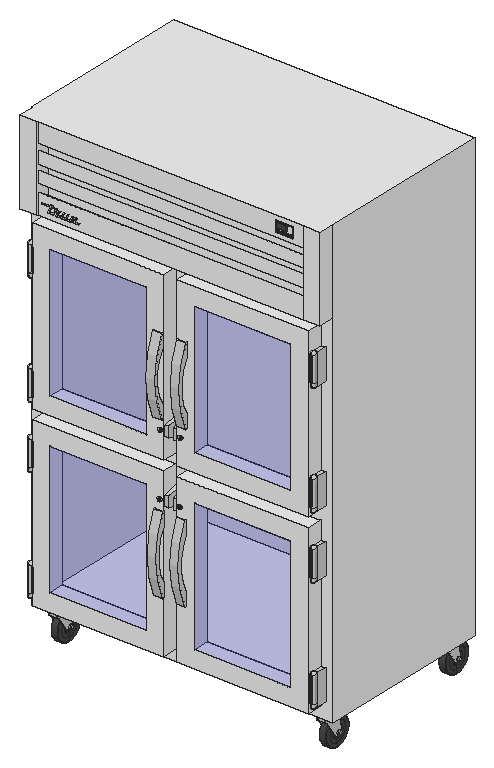
Revit family
Parameters
  Weight in Pounds = 0
  Watts = 3000 W
  Volts = 208 V
  URL Cutsheet = "www.truemfg.com"
  URL = "www.truemfg.com"
  Type Mark [instance] = ""
  Type Comments = ""
  Status [instance] = ""
  Specification by User [instance] = ""
  Specification by Manufacturer = ""
  Show Seismic Flanged [instance] = no
  Show Logo [instance] = yes
  Show Legs [instance] = no
  Show Clearance [instance] = yes
  Serial Number = ""
  Seismic Rating = ""
  Seismic Plate [instance] = and(Show Seismic Flanged, not(Show Casters))  # no
  SMACNA No = ""
  Revision Code [instance] = ""
  Phase = 1
  Omniclass Number and Title = ""
  Number of Poles [instance] = 1
  NAFEM Spec ID Number = ""
  Model = "STA2H-4HG"
  Min Ckt Ampacity = 0 A
  Max Overcurrent Protection = 0 A
  Masterspec = ""
  Manufacturer = "TRUE FOOD SERVICE EQUIPMENT, INC."
  Length = 52 5/8"
  Legs [instance] = or(Show Legs, Show Seismic Flanged)  # no
  Item Number [instance] = ""
  Installed By [instance] = ""
  Identify Quantity as Lot [instance] = yes
  Height = 77 3/4"
  HP = ""
  Furnished By [instance] = ""
  Foodservice Equipment Identifier [instance] = yes
  FL Amps = Watts / Volts  # 14.4231 A
  Electrical Remarks [instance] = ""
  Electric Connection Type [instance] = ""
  Elec Conn RI Height [instance] = 0"
  Elec Conn Connection Height [instance] = 0"
  Description = "Reach-in Glass Half Swing Door Heated Cabinet"
  Depth = 33 3/4"
  Cycle = 60 Hz
  Conn Plug = "6-15P"
  Conn Conduit = yes
  Show Casters [instance] = and(not(if(Show Legs, Show Legs, Show Legs)), not(if(Show Legs, Show Legs, Show Seismic Flanged)))  # yes
  CSI MasterFormat = ""
  CSI Master Format = ""
  Apparent Power = if(Phase = 3, Volts * FL Amps * 1.73, Volts * FL Amps)  # 3000 VA
Reference planes (in)
  plane 1 "BACK": y = 0
  plane 2: z = 0
  plane 3 "LEFT": x = 0
  plane 4 "RIGHT": x = 52.625
  plane 5 "FRONT": y = -33.75
  plane 6 "TOP": z = 84.125
  plane 7: z = 6.125
  plane 8: x = 26.3125
  plane 9: x = 3
  plane 10: x = 49.9375
  plane 11: y = -33.7042
  plane 12: x = 26.3125
Forms (in)
  Extrusion 1, solid, material "QF_Finishes_Chrome - Satin"
    sketch origin (0.05, 0, 0) x (1, 0, 0) y (0, 1, 0)
      loop
        line (-0.05, 0) -> (-0.05, -31) -> (2.35625, -31) -> (2.35625, 0) -> (-0.05, 0)
    from 6.125 to 84.125
  Extrusion 2, solid, material "QF_Finishes_Chrome - Satin"
    sketch origin (50.15, 0, 0) x (1, 0, 0) y (0, 1, 0)
      loop
        line (0.225, 0) -> (0.225, -31) -> (2.475, -31) -> (2.475, 0) -> (0.225, 0)
    from 6.125 to 84.125
  Extrusion 3, solid, material "QF_Finishes_Chrome - Satin"
    sketch origin (0, 0, 0) x (0, 1, 0) y (0, 0, 1)
      loop
        line (-33.7042, 69.5) -> (-31, 69.5) -> (-31, 66.96875) -> (-2, 66.96875) -> (-2, 9.03125) -> (-31, 9.03125) -> (-31, 6.125) -> (0, 6.125) -> (0, 84.125) -> (-33.7042, 84.125) -> (-33.7042, 80.78078) -> (-31.5, 79.21352) -> (-31.5, 78.09125) -> (-33.7042, 79.65851) -> (-33.7042, 77.5248) -> (-31.5, 75.95754) -> (-31.5, 74.99678) -> (-33.7042, 76.56404) -> (-33.7042, 74.46784) -> (-31.5, 72.90057) -> (-31.5, 71.625) -> (-33.7042, 73.19226) -> (-33.7042, 69.5)
      loop
        line (-30, 36.125) -> (-30, 39.875) -> (-31, 39.875) -> (-31, 36.125) -> (-30, 36.125)
    from 2.25 to 50.375
  Extrusion 4, solid, material "QF_Finishes_Chrome - Satin"
    sketch origin (0, 0, 0) x (1, 0, 0) y (0, 1, 0)
      loop
        line (52.54687, -31) -> (49.66032, -31) -> (49.66032, -33.75) -> (52.54687, -33.75) -> (52.54687, -31)
    from 69.5 to 84.125
  Extrusion 5, solid, material "QF_Finishes_Chrome - Satin"
    sketch origin (-50.125, 0, 0.25) x (1, 0, 0) y (0, 1, 0)
      loop
        line (53.20984, -31) -> (50.20312, -31) -> (50.20312, -33.75) -> (53.20984, -33.75) -> (53.20984, -31)
    from 69.25 to 83.875
  Extrusion 6, solid, material "QF_Finishes_Chrome - Satin"
    sketch origin (0, 0, -0.71875) x (1, 0, 0) y (0, 0, 1)
      loop
        line (2.25, 68.6875) -> (2.25, 39.59375) -> (25.1875, 39.59375) -> (25.1875, 68.6875) -> (2.25, 68.6875)
      loop
        line (50.53125, 68.6875) -> (27.59375, 68.6875) -> (27.59375, 39.59375) -> (50.53125, 39.59375) -> (50.53125, 68.6875)
      loop
        line (2.25, 8.75) -> (25.1875, 8.75) -> (25.1875, 37.84375) -> (2.25, 37.84375) -> (2.25, 8.75)
      loop
        line (27.59375, 8.75) -> (50.53125, 8.75) -> (50.53125, 37.84375) -> (27.59375, 37.84375) -> (27.59375, 8.75)
      loop
        line (5.25, 65.6875) -> (5.25, 42.59375) -> (22.29688, 42.59375) -> (22.29688, 65.6875) -> (5.25, 65.6875)
      loop
        line (30.59375, 65.6875) -> (30.59375, 42.59375) -> (47.53125, 42.59375) -> (47.53125, 65.6875) -> (30.59375, 65.6875)
      loop
        line (5.25, 34.84375) -> (5.25, 11.75) -> (22.29688, 11.75) -> (22.29688, 34.84375) -> (5.25, 34.84375)
      loop
        line (47.53125, 34.84375) -> (30.59375, 34.84375) -> (30.59375, 11.75) -> (47.53125, 11.75) -> (47.53125, 34.84375)
    from 31 to 33.75
  Extrusion 7, solid, material "QF_Finishes_Handrails and Railings"
    sketch origin (1.875, 0, 3.375) x (1, 0, 0) y (0, 0, 1)
      loop
        circle (22.76563, 40.0625) r 0.35
      loop
        line (22.73047, 40.33635) -> (22.73047, 39.76895) -> (22.78597, 39.76895) -> (22.78597, 40.33635) -> (22.73047, 40.33635)
      loop
        circle (26.28125, 40.0625) r 0.35
      loop
        line (26.3164, 40.33635) -> (26.2609, 40.33635) -> (26.2609, 39.76895) -> (26.3164, 39.76895) -> (26.3164, 40.33635)
    from 33.5 to 33.83066
  Extrusion 8, solid, material "QF_Finishes_Handrails and Railings", visible <- "Show Logo"
    sketch origin (0.33478, 1.08173, -6.73143) x (1, 0, 0) y (0, 0, 1)
      loop
        line (3.61669, 78.46231) -> (3.51103, 78.23573) -> (4.91652, 78.23573)
        arc (4.91652, 78.23573) -> (4.94504, 78.18528) -> (4.91652, 78.13484) r 0.05887
        line (4.91652, 78.13484) -> (4.54994, 77.34872)
        arc (4.54994, 77.34872) -> (4.54676, 77.27591) -> (4.596, 77.22217) r 0.09523
        line (4.596, 77.22217) -> (5.49469, 77.22217)
        arc (5.49469, 77.22217) -> (5.60817, 77.25795) -> (5.68061, 77.35235) r 0.19785
        line (5.68061, 77.35235) -> (5.9691, 77.97101) -> (6.23415, 77.97101)
        arc (6.23415, 77.97101) -> (6.30369, 77.94543) -> (6.29362, 77.87203) r 0.05911
        line (6.29362, 77.87203) -> (6.05223, 77.35437)
        arc (6.05223, 77.35437) -> (6.05599, 77.2684) -> (6.12856, 77.22217) r 0.09318
        line (6.12856, 77.22217) -> (6.91823, 77.22217)
        arc (6.91823, 77.22217) -> (6.97874, 77.24419) -> (7.01093, 77.29995) r 0.09412
        arc (7.01093, 77.29995) -> (7.03371, 77.24495) -> (7.08871, 77.22217) r 0.07778
        line (7.08871, 77.22217) -> (7.58871, 77.22217)
        arc (7.58871, 77.22217) -> (7.64647, 77.23765) -> (7.68876, 77.27993) r 0.11552
        arc (7.68876, 77.27993) -> (7.709, 77.23106) -> (7.75787, 77.21081) r 0.06912
        line (7.75787, 77.21081) -> (8.4685, 77.21081)
        arc (8.4685, 77.21081) -> (8.52659, 77.23488) -> (8.55066, 77.29297) r 0.08216
        arc (8.55066, 77.29297) -> (8.60392, 77.23972) -> (8.67667, 77.22022) r 0.14551
        line (8.67667, 77.22022) -> (10.00783, 77.22022) -> (10.15571, 77.47634) -> (8.81303, 77.47634)
        arc (8.81303, 77.47634) -> (8.77597, 77.50204) -> (8.77459, 77.54711) r 0.05009
        line (8.77459, 77.54711) -> (8.79782, 77.59692)
        arc (8.79782, 77.59692) -> (8.83348, 77.64364) -> (8.88952, 77.66135) r 0.09747
        line (8.88952, 77.66135) -> (9.3211, 77.66135)
        arc (9.3211, 77.66135) -> (9.41425, 77.68631) -> (9.48244, 77.7545) r 0.1863
        line (9.48244, 77.7545) -> (9.60744, 77.97101)
        arc (9.60744, 77.97101) -> (9.60744, 78.08657) -> (9.50736, 78.14434) r 0.11556
        line (9.50736, 78.14434) -> (9.05187, 78.14434)
        arc (9.05187, 78.14434) -> (8.93575, 78.12462) -> (8.85474, 78.03912) r 0.18605
        line (8.85474, 78.03912) -> (8.63829, 77.57493)
        arc (8.63829, 77.57493) -> (8.5744, 77.49167) -> (8.47431, 77.46011) r 0.1745
        line (8.47431, 77.46011) -> (8.00184, 77.46011)
        arc (8.00184, 77.46011) -> (7.94528, 77.52184) -> (7.94893, 77.60548) r 0.10939
        line (7.94893, 77.60548) -> (8.2002, 78.14434) -> (8.04028, 78.14434) -> (7.77406, 77.57344)
        arc (7.77406, 77.57344) -> (7.72234, 77.50603) -> (7.6413, 77.48048) r 0.14128
        line (7.6413, 77.48048) -> (7.3155, 77.48048)
        arc (7.3155, 77.48048) -> (7.26044, 77.55223) -> (7.27225, 77.64189) r 0.11816
        line (7.27225, 77.64189) -> (7.50655, 78.14434) -> (7.34139, 78.14434) -> (7.07171, 77.566)
        arc (7.07171, 77.566) -> (7.0091, 77.50339) -> (6.92358, 77.48048) r 0.17104
        line (6.92358, 77.48048) -> (6.4518, 77.48048)
        arc (6.4518, 77.48048) -> (6.36707, 77.51999) -> (6.35892, 77.61313) r 0.0935
        line (6.35892, 77.61313) -> (6.51399, 77.94569) -> (6.7332, 77.94569)
        arc (6.7332, 77.94569) -> (6.7702, 78.05717) -> (6.84892, 78.14434) r 0.2857
        line (6.84892, 78.14434) -> (5.9923, 78.14434)
        arc (5.9923, 78.14434) -> (5.89711, 78.12324) -> (5.83123, 78.05135) r 0.16212
        line (5.83123, 78.05135) -> (5.59904, 77.55341)
        arc (5.59904, 77.55341) -> (5.54565, 77.50002) -> (5.47272, 77.48048) r 0.14586
        line (5.47272, 77.48048) -> (4.96131, 77.48048)
        arc (4.96131, 77.48048) -> (4.92139, 77.53442) -> (4.92899, 77.60109) r 0.09155
        line (4.92899, 77.60109) -> (5.26643, 78.23573) -> (6.1178, 78.23573) -> (6.22346, 78.46231) -> (5.37209, 78.46231) -> (5.47774, 78.68888) -> (5.17487, 78.68888) -> (5.06922, 78.46231) -> (3.61669, 78.46231)
      loop
        arc (8.9943, 77.93863) -> (8.95744, 77.92875) -> (8.93045, 77.90176) r 0.07373
        line (8.93045, 77.90176) -> (8.90854, 77.83436)
        arc (8.90854, 77.83436) -> (8.9187, 77.80983) -> (8.94324, 77.79966) r 0.0347
        line (8.94324, 77.79966) -> (9.31573, 77.79966)
        arc (9.31573, 77.79966) -> (9.34257, 77.80561) -> (9.36437, 77.82234) r 0.0635
        line (9.36437, 77.82234) -> (9.38249, 77.90622)
        arc (9.38249, 77.90622) -> (9.37716, 77.92868) -> (9.35634, 77.93863) r 0.02676
        line (9.35634, 77.93863) -> (8.9943, 77.93863)
    from 34.76797 to 34.83173
  Extrusion 9, solid
    sketch origin (0, 0, 0) x (1, 0, 0) y (0, 0, 1)
      loop
        circle (49.53125, 82) r 0.25
    from 0 to 0.0625
  Extrusion 10, solid, material "QF_Finishes_Handrails and Railings"
    sketch origin (35.86694, -0.25, 99.01973) x (0, 1, 0) y (0, 0, -1)
      loop
        line (-33.5, 53.875) -> (-33.7, 53.875)
        arc (-33.7, 53.875) -> (-35.14405, 47.075) -> (-33.7, 40.275) r 16.7325
        line (-33.7, 40.275) -> (-33.5, 40.275) -> (-33.5, 42.675)
        arc (-33.5, 42.675) -> (-34.65816, 47.075) -> (-33.5, 51.475) r 8.93715
        line (-33.5, 51.475) -> (-33.5, 53.875)
    from 10.87731 to 12.37731
  Blend 11, solid, material "QF_Finishes_Handrails and Railings"
    base sketch origin (-0.14063, 0, 5.375) x (1, 0, 0) y (0, 0, 1)
      loop
        line (25.32813, 38.99169) -> (25.32813, 37.24169) -> (26.07813, 37.24169) -> (26.07813, 38.99169) -> (25.32813, 38.99169)
    top sketch origin (-0.14063, 0, 5.375) x (1, 0, 0) y (0, 0, 1)
      loop
        line (26.26036, 36.6441) -> (26.26036, 39.42643) -> (25.32813, 39.42643) -> (25.32813, 36.6441) -> (26.26036, 36.6441)
    from 33.57883 to 31
  Blend 12, solid, material "QF_Finishes_Handrails and Railings"
    base sketch origin (52.84375, 0, 5.375) x (-1, 0, 0) y (0, 0, -1)
      loop
        line (25.25, -38.99169) -> (26, -38.99169) -> (26, -37.24169) -> (25.25, -37.24169) -> (25.25, -38.99169)
    top sketch origin (52.84375, 0, 5.375) x (-1, 0, 0) y (0, 0, -1)
      loop
        line (26.18223, -36.6441) -> (25.25, -36.6441) -> (25.25, -39.42643) -> (26.18223, -39.42643) -> (26.18223, -36.6441)
    from 33.57883 to 31
  Extrusion 13, solid, material "QF_Finishes_Handrails and Railings"
    sketch origin (1.09375, 0, 0) x (0, 1, 0) y (0, 0, 1)
      loop
        line (-31, 64.55229) -> (-32.61044, 64.55229)
        arc (-32.61044, 64.55229) -> (-32.75506, 64.49238) -> (-32.81497, 64.34776) r 0.20453
        line (-32.81497, 64.34776) -> (-32.81497, 59.94848) -> (-33.25, 59.94848) -> (-33.25, 59.23627) -> (-31, 59.23627) -> (-31, 64.55229)
    from 0.17506 to 1
  Revolve 14, solid, material "QF_Finishes_Handrails and Railings"
    sketch origin (1.59375, 0, 0) x (0, 1, 0) y (0, 0, 1)
      loop
        line (-33.26563, 60.00189) -> (-33.26563, 64.81483)
        arc (-33.26563, 64.81483) -> (-33.53722, 64.72557) -> (-33.67229, 64.4736) r 0.3848
        line (-33.67229, 64.4736) -> (-33.67229, 60.00189) -> (-33.26563, 60.00189)
      loop
        line (-33.26563, 59.94848) -> (-33.67229, 59.94848) -> (-33.67229, 59.37712)
        arc (-33.67229, 59.37712) -> (-33.53264, 59.13383) -> (-33.26563, 59.04781) r 0.38884
        line (-33.26563, 59.04781) -> (-33.26563, 59.94848)
      axis (-33.26563, 59.04781) -> (-33.26563, 64.81483)
    angle from 0 to 360
  Extrusion 15, solid, material "QF_Finishes_Handrails and Railings"
    sketch origin (-0.21875, 0, 0) x (1, 0, 0) y (0, 0, 1)
      loop
        line (2.07116, 64.4736) -> (2.07116, 60.00079) -> (2.46875, 60.00079) -> (2.46875, 64.4736) -> (2.07116, 64.4736)
    from 32.81497 to 33.59495
  Extrusion 16, solid, material "QF_Finishes_Handrails and Railings"
    sketch origin (1.09375, 0, -19.5) x (0, 1, 0) y (0, 0, 1)
      loop
        line (-31, 64.55229) -> (-32.61044, 64.55229)
        arc (-32.61044, 64.55229) -> (-32.75506, 64.49238) -> (-32.81497, 64.34776) r 0.20453
        line (-32.81497, 64.34776) -> (-32.81497, 59.94848) -> (-33.25, 59.94848) -> (-33.25, 59.23627) -> (-31, 59.23627) -> (-31, 64.55229)
    from 0.17506 to 1
  Revolve 17, solid, material "QF_Finishes_Handrails and Railings"
    sketch origin (1.59375, 0, -19.5) x (0, 1, 0) y (0, 0, 1)
      loop
        line (-33.26563, 60.00189) -> (-33.26563, 64.81483)
        arc (-33.26563, 64.81483) -> (-33.53722, 64.72557) -> (-33.67229, 64.4736) r 0.3848
        line (-33.67229, 64.4736) -> (-33.67229, 60.00189) -> (-33.26563, 60.00189)
      loop
        line (-33.26563, 59.94848) -> (-33.67229, 59.94848) -> (-33.67229, 59.37712)
        arc (-33.67229, 59.37712) -> (-33.53264, 59.13383) -> (-33.26563, 59.04781) r 0.38884
        line (-33.26563, 59.04781) -> (-33.26563, 59.94848)
      axis (-33.26563, 59.04781) -> (-33.26563, 64.81483)
    angle from 0 to 360
  Extrusion 18, solid, material "QF_Finishes_Handrails and Railings"
    sketch origin (-0.21875, 0, -19.5) x (1, 0, 0) y (0, 0, 1)
      loop
        line (2.07116, 64.4736) -> (2.07116, 60.00079) -> (2.46875, 60.00079) -> (2.46875, 64.4736) -> (2.07116, 64.4736)
    from 32.81497 to 33.59495
  Extrusion 19, solid, material "QF_Finishes_Handrails and Railings"
    sketch origin (1.09375, 0, -30.5) x (0, 1, 0) y (0, 0, 1)
      loop
        line (-31, 64.55229) -> (-32.61044, 64.55229)
        arc (-32.61044, 64.55229) -> (-32.75506, 64.49238) -> (-32.81497, 64.34776) r 0.20453
        line (-32.81497, 64.34776) -> (-32.81497, 59.94848) -> (-33.25, 59.94848) -> (-33.25, 59.23627) -> (-31, 59.23627) -> (-31, 64.55229)
    from 0.17506 to 1
  Revolve 20, solid, material "QF_Finishes_Handrails and Railings"
    sketch origin (1.59375, 0, -30.5) x (0, 1, 0) y (0, 0, 1)
      loop
        line (-33.26563, 60.00189) -> (-33.26563, 64.81483)
        arc (-33.26563, 64.81483) -> (-33.53722, 64.72557) -> (-33.67229, 64.4736) r 0.3848
        line (-33.67229, 64.4736) -> (-33.67229, 60.00189) -> (-33.26563, 60.00189)
      loop
        line (-33.26563, 59.94848) -> (-33.67229, 59.94848) -> (-33.67229, 59.37712)
        arc (-33.67229, 59.37712) -> (-33.53264, 59.13383) -> (-33.26563, 59.04781) r 0.38884
        line (-33.26563, 59.04781) -> (-33.26563, 59.94848)
      axis (-33.26563, 59.04781) -> (-33.26563, 64.81483)
    angle from 0 to 360
  Extrusion 21, solid, material "QF_Finishes_Handrails and Railings"
    sketch origin (-0.21875, 0, -30.5) x (1, 0, 0) y (0, 0, 1)
      loop
        line (2.07116, 64.4736) -> (2.07116, 60.00079) -> (2.46875, 60.00079) -> (2.46875, 64.4736) -> (2.07116, 64.4736)
    from 32.81497 to 33.59495
  Extrusion 22, solid, material "QF_Finishes_Handrails and Railings"
    sketch origin (1.09375, 0, -50.25) x (0, 1, 0) y (0, 0, 1)
      loop
        line (-31, 64.55229) -> (-32.61044, 64.55229)
        arc (-32.61044, 64.55229) -> (-32.75506, 64.49238) -> (-32.81497, 64.34776) r 0.20453
        line (-32.81497, 64.34776) -> (-32.81497, 59.94848) -> (-33.25, 59.94848) -> (-33.25, 59.23627) -> (-31, 59.23627) -> (-31, 64.55229)
    from 0.17506 to 1
  Revolve 23, solid, material "QF_Finishes_Handrails and Railings"
    sketch origin (1.59375, 0, -50.25) x (0, 1, 0) y (0, 0, 1)
      loop
        line (-33.26563, 60.00189) -> (-33.26563, 64.81483)
        arc (-33.26563, 64.81483) -> (-33.53722, 64.72557) -> (-33.67229, 64.4736) r 0.3848
        line (-33.67229, 64.4736) -> (-33.67229, 60.00189) -> (-33.26563, 60.00189)
      loop
        line (-33.26563, 59.94848) -> (-33.67229, 59.94848) -> (-33.67229, 59.37712)
        arc (-33.67229, 59.37712) -> (-33.53264, 59.13383) -> (-33.26563, 59.04781) r 0.38884
        line (-33.26563, 59.04781) -> (-33.26563, 59.94848)
      axis (-33.26563, 59.04781) -> (-33.26563, 64.81483)
    angle from 0 to 360
  Extrusion 24, solid, material "QF_Finishes_Handrails and Railings"
    sketch origin (-0.21875, 0, -50.25) x (1, 0, 0) y (0, 0, 1)
      loop
        line (2.07116, 64.4736) -> (2.07116, 60.00079) -> (2.46875, 60.00079) -> (2.46875, 64.4736) -> (2.07116, 64.4736)
    from 32.81497 to 33.59495
  Extrusion 25, solid, material "QF_Finishes_Handrails and Railings"
    sketch origin (51.53125, 0, 0) x (0, 1, 0) y (0, 0, -1)
      loop
        line (-31, -64.55229) -> (-31, -59.23627) -> (-33.25, -59.23627) -> (-33.25, -59.94848) -> (-32.81497, -59.94848) -> (-32.81497, -64.34776)
        arc (-32.81497, -64.34776) -> (-32.75506, -64.49238) -> (-32.61044, -64.55229) r 0.20453
        line (-32.61044, -64.55229) -> (-31, -64.55229)
    from 0.17506 to 1
  Revolve 26, solid, material "QF_Finishes_Handrails and Railings"
    sketch origin (51.03125, 0, 0) x (0, 1, 0) y (0, 0, -1)
      loop
        line (-33.26563, -60.00189) -> (-33.67229, -60.00189) -> (-33.67229, -64.4736)
        arc (-33.67229, -64.4736) -> (-33.53722, -64.72557) -> (-33.26563, -64.81483) r 0.3848
        line (-33.26563, -64.81483) -> (-33.26563, -60.00189)
      loop
        line (-33.26563, -59.94848) -> (-33.26563, -59.04781)
        arc (-33.26563, -59.04781) -> (-33.53264, -59.13383) -> (-33.67229, -59.37712) r 0.38884
        line (-33.67229, -59.37712) -> (-33.67229, -59.94848) -> (-33.26563, -59.94848)
      axis (-33.26563, -59.04781) -> (-33.26563, -64.81483)
    angle from 0 to 360
  Extrusion 27, solid, material "QF_Finishes_Handrails and Railings"
    sketch origin (52.84375, 0, 0) x (-1, 0, 0) y (0, 0, -1)
      loop
        line (1.75866, -64.4736) -> (2.15625, -64.4736) -> (2.15625, -60.00079) -> (1.75866, -60.00079) -> (1.75866, -64.4736)
    from 32.81497 to 33.59495
  Extrusion 28, solid, material "QF_Finishes_Handrails and Railings"
    sketch origin (51.53125, 0, -19.5) x (0, 1, 0) y (0, 0, -1)
      loop
        line (-31, -64.55229) -> (-31, -59.23627) -> (-33.25, -59.23627) -> (-33.25, -59.94848) -> (-32.81497, -59.94848) -> (-32.81497, -64.34776)
        arc (-32.81497, -64.34776) -> (-32.75506, -64.49238) -> (-32.61044, -64.55229) r 0.20453
        line (-32.61044, -64.55229) -> (-31, -64.55229)
    from 0.17506 to 1
  Revolve 29, solid, material "QF_Finishes_Handrails and Railings"
    sketch origin (51.03125, 0, -19.5) x (0, 1, 0) y (0, 0, -1)
      loop
        line (-33.26563, -60.00189) -> (-33.67229, -60.00189) -> (-33.67229, -64.4736)
        arc (-33.67229, -64.4736) -> (-33.53722, -64.72557) -> (-33.26563, -64.81483) r 0.3848
        line (-33.26563, -64.81483) -> (-33.26563, -60.00189)
      loop
        line (-33.26563, -59.94848) -> (-33.26563, -59.04781)
        arc (-33.26563, -59.04781) -> (-33.53264, -59.13383) -> (-33.67229, -59.37712) r 0.38884
        line (-33.67229, -59.37712) -> (-33.67229, -59.94848) -> (-33.26563, -59.94848)
      axis (-33.26563, -59.04781) -> (-33.26563, -64.81483)
    angle from 0 to 360
  Extrusion 30, solid, material "QF_Finishes_Handrails and Railings"
    sketch origin (52.84375, 0, -19.5) x (-1, 0, 0) y (0, 0, -1)
      loop
        line (1.75866, -64.4736) -> (2.15625, -64.4736) -> (2.15625, -60.00079) -> (1.75866, -60.00079) -> (1.75866, -64.4736)
    from 32.81497 to 33.59495
  Extrusion 31, solid, material "QF_Finishes_Handrails and Railings"
    sketch origin (51.53125, 0, -30.5) x (0, 1, 0) y (0, 0, -1)
      loop
        line (-31, -64.55229) -> (-31, -59.23627) -> (-33.25, -59.23627) -> (-33.25, -59.94848) -> (-32.81497, -59.94848) -> (-32.81497, -64.34776)
        arc (-32.81497, -64.34776) -> (-32.75506, -64.49238) -> (-32.61044, -64.55229) r 0.20453
        line (-32.61044, -64.55229) -> (-31, -64.55229)
    from 0.17506 to 1
  Revolve 32, solid, material "QF_Finishes_Handrails and Railings"
    sketch origin (51.03125, 0, -30.5) x (0, 1, 0) y (0, 0, -1)
      loop
        line (-33.26563, -60.00189) -> (-33.67229, -60.00189) -> (-33.67229, -64.4736)
        arc (-33.67229, -64.4736) -> (-33.53722, -64.72557) -> (-33.26563, -64.81483) r 0.3848
        line (-33.26563, -64.81483) -> (-33.26563, -60.00189)
      loop
        line (-33.26563, -59.94848) -> (-33.26563, -59.04781)
        arc (-33.26563, -59.04781) -> (-33.53264, -59.13383) -> (-33.67229, -59.37712) r 0.38884
        line (-33.67229, -59.37712) -> (-33.67229, -59.94848) -> (-33.26563, -59.94848)
      axis (-33.26563, -59.04781) -> (-33.26563, -64.81483)
    angle from 0 to 360
  Extrusion 33, solid, material "QF_Finishes_Handrails and Railings"
    sketch origin (52.84375, 0, -30.5) x (-1, 0, 0) y (0, 0, -1)
      loop
        line (1.75866, -64.4736) -> (2.15625, -64.4736) -> (2.15625, -60.00079) -> (1.75866, -60.00079) -> (1.75866, -64.4736)
    from 32.81497 to 33.59495
  Extrusion 34, solid, material "QF_Finishes_Handrails and Railings"
    sketch origin (51.53125, 0, -50.25) x (0, 1, 0) y (0, 0, -1)
      loop
        line (-31, -64.55229) -> (-31, -59.23627) -> (-33.25, -59.23627) -> (-33.25, -59.94848) -> (-32.81497, -59.94848) -> (-32.81497, -64.34776)
        arc (-32.81497, -64.34776) -> (-32.75506, -64.49238) -> (-32.61044, -64.55229) r 0.20453
        line (-32.61044, -64.55229) -> (-31, -64.55229)
    from 0.17506 to 1
  Revolve 35, solid, material "QF_Finishes_Handrails and Railings"
    sketch origin (51.03125, 0, -50.25) x (0, 1, 0) y (0, 0, -1)
      loop
        line (-33.26563, -60.00189) -> (-33.67229, -60.00189) -> (-33.67229, -64.4736)
        arc (-33.67229, -64.4736) -> (-33.53722, -64.72557) -> (-33.26563, -64.81483) r 0.3848
        line (-33.26563, -64.81483) -> (-33.26563, -60.00189)
      loop
        line (-33.26563, -59.94848) -> (-33.26563, -59.04781)
        arc (-33.26563, -59.04781) -> (-33.53264, -59.13383) -> (-33.67229, -59.37712) r 0.38884
        line (-33.67229, -59.37712) -> (-33.67229, -59.94848) -> (-33.26563, -59.94848)
      axis (-33.26563, -59.04781) -> (-33.26563, -64.81483)
    angle from 0 to 360
  Extrusion 36, solid, material "QF_Finishes_Handrails and Railings"
    sketch origin (52.84375, 0, -50.25) x (-1, 0, 0) y (0, 0, -1)
      loop
        line (1.75866, -64.4736) -> (2.15625, -64.4736) -> (2.15625, -60.00079) -> (1.75866, -60.00079) -> (1.75866, -64.4736)
    from 32.81497 to 33.59495
  Revolve 37, solid, material "QF_Finishes_Black", visible <- "Show Casters"
    sketch origin (47.78125, -27.375, 0) x (1, 0, 0) y (0, 0, 1)
      loop
        line (1.63125, 5) -> (1.53125, 4.9) -> (1.53125, 4.29941) -> (1.69226, 4.29941) -> (1.69226, 3.54941) -> (1.53125, 3.54941) -> (1.53125, 2.79941) -> (1.13125, 2.79941) -> (1.13125, 2.5) -> (3.18125, 2.5) -> (3.18125, 2.79941) -> (2.78533, 2.79941) -> (2.78533, 3.54941) -> (2.62024, 3.54941) -> (2.62024, 4.29941) -> (2.78533, 4.29941) -> (2.78533, 4.89592) -> (2.68125, 5) -> (1.63125, 5)
      axis (3.18125, 2.5) -> (1.13125, 2.5)
    angle from 0 to 360
  Extrusion 38, solid, material "QF_Finishes_Handrails and Railings", visible <- "Show Casters"
    sketch origin (47.78125, 0, 0) x (0, 1, 0) y (0, 0, 1)
      loop
        line (-29.95136, 5.48574) -> (-29.95136, 4.88089) -> (-29.70136, 4.88089) -> (-27.95216, 2.18736)
        arc (-27.95216, 2.18736) -> (-27.23883, 1.94868) -> (-26.84581, 2.59003) r 0.60416
        line (-26.84581, 2.59003) -> (-27.20136, 5.48574) -> (-29.95136, 5.48574)
      loop
        line (-3.8577, 5.48574) -> (-3.8577, 4.88089) -> (-3.6077, 4.88089) -> (-1.8585, 2.18736)
        arc (-1.8585, 2.18736) -> (-1.14517, 1.94868) -> (-0.75215, 2.59003) r 0.60416
        line (-0.75215, 2.59003) -> (-1.1077, 5.48574) -> (-3.8577, 5.48574)
    from 1.175 to 1.325
  Extrusion 39, solid, material "QF_Finishes_Handrails and Railings", visible <- "Show Casters"
    sketch origin (49.28125, 0, 0) x (0, 1, 0) y (0, 0, 1)
      loop
        line (-29.95136, 5.48574) -> (-29.95136, 4.88089) -> (-29.70136, 4.88089) -> (-27.95216, 2.18736)
        arc (-27.95216, 2.18736) -> (-27.23883, 1.94868) -> (-26.84581, 2.59003) r 0.60416
        line (-26.84581, 2.59003) -> (-27.20136, 5.48574) -> (-29.95136, 5.48574)
      loop
        line (-3.8577, 5.48574) -> (-3.8577, 4.88089) -> (-3.6077, 4.88089) -> (-1.8585, 2.18736)
        arc (-1.8585, 2.18736) -> (-1.14517, 1.94868) -> (-0.75215, 2.59003) r 0.60416
        line (-0.75215, 2.59003) -> (-1.1077, 5.48574) -> (-3.8577, 5.48574)
    from 1.175 to 1.325
  Revolve 40, solid, material "QF_Finishes_Chrome - Satin", visible <- "Show Casters"
    sketch origin (47.78125, -28.5625, -0.5) x (1, 0, 0) y (0, 0, 1)
      loop
        line (2.15625, 5.99546) -> (2.15625, 6.62359) -> (0.85918, 6.62359) -> (0.85918, 5.99546) -> (2.15625, 5.99546)
      axis (2.15625, 5.99546) -> (2.15625, 6.62359)
    angle from 0 to 360
  Revolve 41, solid, material "QF_Finishes_Chrome - Satin", visible <- "Legs"
    sketch origin (47.78125, -2.69102, 0) x (1, 0, 0) y (0, 0, 1)
      loop
        line (2.15625, 6.125) -> (0.82287, 6.125) -> (1.40625, 1) -> (1.65625, 1) -> (1.65625, 0) -> (2.15625, 0) -> (2.15625, 6.125)
      axis (2.15625, 0) -> (2.15625, 6.125)
    angle from 0 to 360
  Revolve 42, solid, material "QF_Finishes_Chrome - Satin", visible <- "Legs"
    sketch origin (47.78125, -28.65977, 0) x (1, 0, 0) y (0, 0, 1)
      loop
        line (2.15625, 6.125) -> (0.82287, 6.125) -> (1.40625, 1) -> (1.65625, 1) -> (1.65625, 0) -> (2.15625, 0) -> (2.15625, 6.125)
      axis (2.15625, 0) -> (2.15625, 6.125)
    angle from 0 to 360
  Revolve 43, solid, material "QF_Finishes_Chrome - Satin", visible <- "Show Casters"
    sketch origin (47.78125, -2.70321, -0.5) x (1, 0, 0) y (0, 0, 1)
      loop
        line (2.15625, 5.99546) -> (2.15625, 6.62359) -> (0.85918, 6.62359) -> (0.85918, 5.99546) -> (2.15625, 5.99546)
      axis (2.15625, 5.99546) -> (2.15625, 6.62359)
    angle from 0 to 360
  Extrusion 44, solid, material "QF_Finishes_Handrails and Railings", visible <- "Show Casters"
    sketch origin (0, 0, 0) x (0, 1, 0) y (0, 0, 1)
      loop
        line (-29.95136, 5.48574) -> (-29.95136, 4.88089) -> (-29.70136, 4.88089) -> (-27.16533, 5.19227) -> (-27.20136, 5.48574) -> (-29.95136, 5.48574)
      loop
        line (-3.8577, 5.48574) -> (-3.8577, 4.88089) -> (-3.6077, 4.88089) -> (-1.07167, 5.19227) -> (-1.1077, 5.48574) -> (-3.8577, 5.48574)
    from 49.10625 to 50.45625
  Revolve 45, solid, material "QF_Finishes_Black", visible <- "Show Casters"
    sketch origin (47.78125, -1.21875, 0) x (1, 0, 0) y (0, 0, 1)
      loop
        line (1.63125, 5) -> (1.53125, 4.9) -> (1.53125, 4.29941) -> (1.69226, 4.29941) -> (1.69226, 3.54941) -> (1.53125, 3.54941) -> (1.53125, 2.79941) -> (1.13125, 2.79941) -> (1.13125, 2.5) -> (3.18125, 2.5) -> (3.18125, 2.79941) -> (2.78533, 2.79941) -> (2.78533, 3.54941) -> (2.62024, 3.54941) -> (2.62024, 4.29941) -> (2.78533, 4.29941) -> (2.78533, 4.89592) -> (2.68125, 5) -> (1.63125, 5)
      axis (3.18125, 2.5) -> (1.13125, 2.5)
    angle from 0 to 360
  Revolve 46, solid, material "QF_Finishes_Black", visible <- "Show Casters"
    sketch origin (0.84375, -27.375, 0) x (1, 0, 0) y (0, 0, 1)
      loop
        line (1.63125, 5) -> (1.53125, 4.9) -> (1.53125, 4.29941) -> (1.69226, 4.29941) -> (1.69226, 3.54941) -> (1.53125, 3.54941) -> (1.53125, 2.79941) -> (0.975, 2.79941) -> (0.975, 2.5) -> (3.18125, 2.5) -> (3.18125, 2.79941) -> (2.78533, 2.79941) -> (2.78533, 3.54941) -> (2.62024, 3.54941) -> (2.62024, 4.29941) -> (2.78533, 4.29941) -> (2.78533, 4.89592) -> (2.68125, 5) -> (1.63125, 5)
      axis (3.18125, 2.5) -> (0.975, 2.5)
    angle from 0 to 360
  Extrusion 47, solid, material "QF_Finishes_Handrails and Railings", visible <- "Show Casters"
    sketch origin (0.84375, 0, 0) x (0, 1, 0) y (0, 0, 1)
      loop
        line (-29.95136, 5.48574) -> (-29.95136, 4.88089) -> (-29.70136, 4.88089) -> (-27.95216, 2.18736)
        arc (-27.95216, 2.18736) -> (-27.23883, 1.94868) -> (-26.84581, 2.59003) r 0.60416
        line (-26.84581, 2.59003) -> (-27.20136, 5.48574) -> (-29.95136, 5.48574)
      loop
        line (-3.8577, 5.48574) -> (-3.8577, 4.88089) -> (-3.6077, 4.88089) -> (-1.8585, 2.18736)
        arc (-1.8585, 2.18736) -> (-1.14517, 1.94868) -> (-0.75215, 2.59003) r 0.60416
        line (-0.75215, 2.59003) -> (-1.1077, 5.48574) -> (-3.8577, 5.48574)
    from 1.175 to 1.325
  Extrusion 48, solid, material "QF_Finishes_Handrails and Railings", visible <- "Show Casters"
    sketch origin (2.34375, 0, 0) x (0, 1, 0) y (0, 0, 1)
      loop
        line (-29.95136, 5.48574) -> (-29.95136, 4.88089) -> (-29.70136, 4.88089) -> (-27.95216, 2.18736)
        arc (-27.95216, 2.18736) -> (-27.23883, 1.94868) -> (-26.84581, 2.59003) r 0.60416
        line (-26.84581, 2.59003) -> (-27.20136, 5.48574) -> (-29.95136, 5.48574)
      loop
        line (-3.8577, 5.48574) -> (-3.8577, 4.88089) -> (-3.6077, 4.88089) -> (-1.8585, 2.18736)
        arc (-1.8585, 2.18736) -> (-1.14517, 1.94868) -> (-0.75215, 2.59003) r 0.60416
        line (-0.75215, 2.59003) -> (-1.1077, 5.48574) -> (-3.8577, 5.48574)
    from 1.175 to 1.325
  Revolve 49, solid, material "QF_Finishes_Chrome - Satin", visible <- "Show Casters"
    sketch origin (0.84375, -28.5625, -0.5) x (1, 0, 0) y (0, 0, 1)
      loop
        line (2.15625, 5.99546) -> (2.15625, 6.62359) -> (0.85918, 6.62359) -> (0.85918, 5.99546) -> (2.15625, 5.99546)
      axis (2.15625, 5.99546) -> (2.15625, 6.62359)
    angle from 0 to 360
  Revolve 50, solid, material "QF_Finishes_Chrome - Satin", visible <- "Legs"
    sketch origin (0.84375, -2.69102, 0) x (1, 0, 0) y (0, 0, 1)
      loop
        line (2.15625, 6.125) -> (0.82287, 6.125) -> (1.40625, 1) -> (1.65625, 1) -> (1.65625, 0) -> (2.15625, 0) -> (2.15625, 6.125)
      axis (2.15625, 0) -> (2.15625, 6.125)
    angle from 0 to 360
  Revolve 51, solid, material "QF_Finishes_Chrome - Satin", visible <- "Legs"
    sketch origin (0.84375, -28.65977, 0) x (1, 0, 0) y (0, 0, 1)
      loop
        line (2.15625, 6.125) -> (0.82287, 6.125) -> (1.40625, 1) -> (1.65625, 1) -> (1.65625, 0) -> (2.15625, 0) -> (2.15625, 6.125)
      axis (2.15625, 0) -> (2.15625, 6.125)
    angle from 0 to 360
  Revolve 52, solid, material "QF_Finishes_Chrome - Satin", visible <- "Show Casters"
    sketch origin (0.84375, -2.70321, -0.5) x (1, 0, 0) y (0, 0, 1)
      loop
        line (2.15625, 5.99546) -> (2.15625, 6.62359) -> (0.85918, 6.62359) -> (0.85918, 5.99546) -> (2.15625, 5.99546)
      axis (2.15625, 5.99546) -> (2.15625, 6.62359)
    angle from 0 to 360
  Extrusion 53, solid, material "QF_Finishes_Handrails and Railings", visible <- "Show Casters"
    sketch origin (-46.9375, 0, 0) x (0, 1, 0) y (0, 0, 1)
      loop
        line (-29.95136, 5.48574) -> (-29.95136, 4.88089) -> (-29.70136, 4.88089) -> (-27.16533, 5.19227) -> (-27.20136, 5.48574) -> (-29.95136, 5.48574)
      loop
        line (-3.8577, 5.48574) -> (-3.8577, 4.88089) -> (-3.6077, 4.88089) -> (-1.07167, 5.19227) -> (-1.1077, 5.48574) -> (-3.8577, 5.48574)
    from 49.10625 to 50.45625
  Revolve 54, solid, material "QF_Finishes_Black", visible <- "Show Casters"
    sketch origin (0.84375, -1.21875, 0) x (1, 0, 0) y (0, 0, 1)
      loop
        line (1.63125, 5) -> (1.53125, 4.9) -> (1.53125, 4.29941) -> (1.69226, 4.29941) -> (1.69226, 3.54941) -> (1.53125, 3.54941) -> (1.53125, 2.79941) -> (0.975, 2.79941) -> (0.975, 2.5) -> (3.18125, 2.5) -> (3.18125, 2.79941) -> (2.78533, 2.79941) -> (2.78533, 3.54941) -> (2.62024, 3.54941) -> (2.62024, 4.29941) -> (2.78533, 4.29941) -> (2.78533, 4.89592) -> (2.68125, 5) -> (1.63125, 5)
      axis (3.18125, 2.5) -> (0.975, 2.5)
    angle from 0 to 360
  Extrusion 55, solid, material "QF_Finishes_White"
    sketch origin (1.49925, 1.06376, 1.58022) x (1, 0, 0) y (0, 0, 1)
      loop
        line (43.31732, 81.73227) -> (43.31732, 79.98496) -> (46.22357, 79.98496) -> (46.22357, 81.73227) -> (43.31732, 81.73227)
    from 34.75 to 34.76797
  Extrusion 56, solid, material "QF_Finishes_Black"
    sketch origin (1.49925, 1.06376, 1.58022) x (1, 0, 0) y (0, 0, 1)
      loop
        line (46.28607, 81.79477) -> (43.25482, 81.79477) -> (43.25482, 79.92246) -> (46.28607, 79.92246) -> (46.28607, 81.79477)
      loop
        spline (43.45482, 80.25372) -> (43.46333, 80.23754) -> (43.48831, 80.22247) -> (43.52804, 80.20952) -> (43.57982, 80.19959) -> (43.64011, 80.19335) -> (43.70482, 80.19122) -> (43.76952, 80.19335) -> (43.82982, 80.19959) -> (43.88159, 80.20952) -> (43.92132, 80.22247) -> (43.9463, 80.23754) -> (43.95482, 80.25372)
        spline (43.95482, 80.25372) -> (43.9463, 80.26989) -> (43.92132, 80.28497) -> (43.88159, 80.29791) -> (43.82982, 80.30784) -> (43.76952, 80.31409) -> (43.70482, 80.31622) -> (43.64011, 80.31409) -> (43.57982, 80.30784) -> (43.52804, 80.29791) -> (43.48831, 80.28497) -> (43.46333, 80.26989) -> (43.45482, 80.25372)
      loop
        spline (44.15083, 80.25372) -> (44.15935, 80.23754) -> (44.18432, 80.22247) -> (44.22405, 80.20952) -> (44.27583, 80.19959) -> (44.33612, 80.19335) -> (44.40083, 80.19122) -> (44.46553, 80.19335) -> (44.52583, 80.19959) -> (44.57761, 80.20952) -> (44.61734, 80.22247) -> (44.64231, 80.23754) -> (44.65083, 80.25372)
        spline (44.65083, 80.25372) -> (44.64231, 80.26989) -> (44.61734, 80.28497) -> (44.57761, 80.29791) -> (44.52583, 80.30784) -> (44.46553, 80.31409) -> (44.40083, 80.31622) -> (44.33612, 80.31409) -> (44.27583, 80.30784) -> (44.22405, 80.29791) -> (44.18432, 80.28497) -> (44.15935, 80.26989) -> (44.15083, 80.25372)
      loop
        spline (44.90083, 80.25372) -> (44.90935, 80.23754) -> (44.93432, 80.22247) -> (44.97405, 80.20952) -> (45.02583, 80.19959) -> (45.08612, 80.19335) -> (45.15083, 80.19122) -> (45.21553, 80.19335) -> (45.27583, 80.19959) -> (45.32761, 80.20952) -> (45.36734, 80.22247) -> (45.39231, 80.23754) -> (45.40083, 80.25372)
        spline (45.40083, 80.25372) -> (45.39231, 80.26989) -> (45.36734, 80.28497) -> (45.32761, 80.29791) -> (45.27583, 80.30784) -> (45.21553, 80.31409) -> (45.15083, 80.31622) -> (45.08612, 80.31409) -> (45.02583, 80.30784) -> (44.97405, 80.29791) -> (44.93432, 80.28497) -> (44.90935, 80.26989) -> (44.90083, 80.25372)
      loop
        line (43.45481, 81.59478) -> (43.45481, 80.59478) -> (45.15433, 80.59478) -> (45.15433, 81.59478) -> (43.45481, 81.59478)
      loop
        line (46.22357, 81.73227) -> (43.31732, 81.73227) -> (43.31732, 79.98496) -> (46.22357, 79.98496) -> (46.22357, 81.73227)
      loop
        spline (45.65083, 80.25372) -> (45.65935, 80.23754) -> (45.68432, 80.22247) -> (45.72405, 80.20952) -> (45.77583, 80.19959) -> (45.83612, 80.19335) -> (45.90083, 80.19122) -> (45.96553, 80.19335) -> (46.02583, 80.19959) -> (46.07761, 80.20952) -> (46.11734, 80.22247) -> (46.14231, 80.23754) -> (46.15083, 80.25372)
        spline (46.15083, 80.25372) -> (46.14231, 80.26989) -> (46.11734, 80.28497) -> (46.07761, 80.29791) -> (46.02583, 80.30784) -> (45.96553, 80.31409) -> (45.90083, 80.31622) -> (45.83612, 80.31409) -> (45.77583, 80.30784) -> (45.72405, 80.29791) -> (45.68432, 80.28497) -> (45.65935, 80.26989) -> (45.65083, 80.25372)
    from 34.76797 to 34.80335
  Extrusion 57, solid, material "QF_Finishes_Door Clearance", visible <- "Show Clearance", detail levels coarse
    sketch origin (0.66534, -3.6098, 0) x (-1, 0, 0) y (0, -1, 0)
      loop
        line (-49.86591, 30.1402) -> (-26.92841, 30.1402)
        arc (-26.92841, 30.1402) -> (-33.64665, 46.35946) -> (-49.86591, 53.0777) r 22.9375
        line (-49.86591, 53.0777) -> (-49.86591, 30.1402)
      loop
        line (-24.52216, 30.1402) -> (-1.58466, 30.1402) -> (-1.58466, 53.0777)
        arc (-1.58466, 53.0777) -> (-17.80392, 46.35946) -> (-24.52216, 30.1402) r 22.9375
    from 38.875 to 67.96875
  Extrusion 58, solid, material "QF_Finishes_Chrome - Satin", visible <- "Seismic Plate"
    sketch origin (-0.22541, -26.96562, 0) x (1, 0, 0) y (0, 1, 0)
      loop
        circle (3.22541, -1.69416) r 1.5
    from 0 to 0.25
  Extrusion 59, solid, material "QF_Finishes_Chrome - Satin", visible <- "Seismic Plate"
    sketch origin (-0.22541, -0.99687, 0) x (1, 0, 0) y (0, 1, 0)
      loop
        circle (3.22541, -1.69416) r 1.5
    from 0 to 0.25
  Extrusion 60, solid, material "QF_Finishes_Chrome - Satin", visible <- "Seismic Plate"
    sketch origin (46.71209, -0.99687, 0) x (1, 0, 0) y (0, 1, 0)
      loop
        circle (3.22541, -1.69416) r 1.5
    from 0 to 0.25
  Extrusion 61, solid, material "QF_Finishes_Chrome - Satin", visible <- "Seismic Plate"
    sketch origin (46.71209, -26.96562, 0) x (1, 0, 0) y (0, 1, 0)
      loop
        circle (3.22541, -1.69416) r 1.5
    from 0 to 0.25
  Extrusion 62, solid, material "QF_Finishes_Handrails and Railings"
    sketch origin (16.83619, -0.25, 99.01973) x (0, 1, 0) y (0, 0, 1)
      loop
        line (-33.5, -53.875) -> (-33.5, -51.475)
        arc (-33.5, -51.475) -> (-34.65816, -47.075) -> (-33.5, -42.675) r 8.93715
        line (-33.5, -42.675) -> (-33.5, -40.275) -> (-33.7, -40.275)
        arc (-33.7, -40.275) -> (-35.14405, -47.075) -> (-33.7, -53.875) r 16.7325
        line (-33.7, -53.875) -> (-33.5, -53.875)
    from 10.87731 to 12.37731
  Extrusion 63, solid, material "QF_Finishes_Handrails and Railings"
    sketch origin (1.75, 0, 72.625) x (1, 0, 0) y (0, 0, 1)
      loop
        circle (22.76563, -40.0625) r 0.35
      loop
        line (22.73047, -40.33635) -> (22.78597, -40.33635) -> (22.78597, -39.76895) -> (22.73047, -39.76895) -> (22.73047, -40.33635)
      loop
        circle (26.28125, -40.0625) r 0.35
      loop
        line (26.3164, -40.33635) -> (26.3164, -39.76895) -> (26.2609, -39.76895) -> (26.2609, -40.33635) -> (26.3164, -40.33635)
    from 33.5 to 33.83066
  Blend 64, solid, material "QF_Finishes_Handrails and Railings"
    base sketch origin (-0.14063, 0, 70.625) x (1, 0, 0) y (0, 0, 1)
      loop
        line (25.32813, -38.99169) -> (26.07813, -38.99169) -> (26.07813, -37.24169) -> (25.32813, -37.24169) -> (25.32813, -38.99169)
    top sketch origin (-0.14063, 0, 70.625) x (1, 0, 0) y (0, 0, 1)
      loop
        line (26.26036, -36.6441) -> (25.32813, -36.6441) -> (25.32813, -39.42643) -> (26.26036, -39.42643) -> (26.26036, -36.6441)
    from 33.57883 to 31
  Blend 65, solid, material "QF_Finishes_Handrails and Railings"
    base sketch origin (52.84375, 0, 70.625) x (-1, 0, 0) y (0, 0, -1)
      loop
        line (25.25, 38.99169) -> (25.25, 37.24169) -> (26, 37.24169) -> (26, 38.99169) -> (25.25, 38.99169)
    top sketch origin (52.84375, 0, 70.625) x (-1, 0, 0) y (0, 0, -1)
      loop
        line (26.18223, 36.6441) -> (26.18223, 39.42643) -> (25.25, 39.42643) -> (25.25, 36.6441) -> (26.18223, 36.6441)
    from 33.57883 to 31
  Extrusion 66, solid, material "QF_Finishes_Handrails and Railings"
    sketch origin (36.06481, -0.25, 71.13027) x (0, 1, 0) y (0, 0, -1)
      loop
        line (-33.5, 53.875) -> (-33.7, 53.875)
        arc (-33.7, 53.875) -> (-35.14405, 47.075) -> (-33.7, 40.275) r 16.7325
        line (-33.7, 40.275) -> (-33.5, 40.275) -> (-33.5, 42.675)
        arc (-33.5, 42.675) -> (-34.65816, 47.075) -> (-33.5, 51.475) r 8.93715
        line (-33.5, 51.475) -> (-33.5, 53.875)
    from 10.87731 to 12.37731
  Extrusion 67, solid, material "QF_Finishes_Handrails and Railings"
    sketch origin (16.71644, -0.25, 71.13027) x (0, 1, 0) y (0, 0, 1)
      loop
        line (-33.5, -53.875) -> (-33.5, -51.475)
        arc (-33.5, -51.475) -> (-34.65816, -47.075) -> (-33.5, -42.675) r 8.93715
        line (-33.5, -42.675) -> (-33.5, -40.275) -> (-33.7, -40.275)
        arc (-33.7, -40.275) -> (-35.14405, -47.075) -> (-33.7, -53.875) r 16.7325
        line (-33.7, -53.875) -> (-33.5, -53.875)
    from 10.87731 to 12.37731
  Extrusion 68, solid, material "Glass"
    sketch origin (0, 0, -0.71875) x (1, 0, 0) y (0, 0, 1)
      loop
        line (5.25, 65.6875) -> (5.25, 42.59375) -> (22.29688, 42.59375) -> (22.29688, 65.6875) -> (5.25, 65.6875)
      loop
        line (30.59375, 65.6875) -> (30.59375, 42.59375) -> (47.53125, 42.59375) -> (47.53125, 65.6875) -> (30.59375, 65.6875)
      loop
        line (5.25, 34.84375) -> (5.25, 11.75) -> (22.29688, 11.75) -> (22.29688, 34.84375) -> (5.25, 34.84375)
      loop
        line (47.53125, 34.84375) -> (30.59375, 34.84375) -> (30.59375, 11.75) -> (47.53125, 11.75) -> (47.53125, 34.84375)
    from 31 to 33.75
  Extrusion 69, solid, material "QF_Finishes_Door Clearance", visible <- "Show Clearance", detail levels coarse
    sketch origin (0.66534, -3.6098, -30.84375) x (-1, 0, 0) y (0, -1, 0)
      loop
        arc (-26.92841, 30.1402) -> (-33.64665, 46.35946) -> (-49.86591, 53.0777) r 22.9375
        line (-49.86591, 53.0777) -> (-49.86591, 30.1402) -> (-26.92841, 30.1402)
      loop
        line (-24.52216, 30.1402) -> (-1.58466, 30.1402) -> (-1.58466, 53.0777)
        arc (-1.58466, 53.0777) -> (-17.80392, 46.35946) -> (-24.52216, 30.1402) r 22.9375
    from 38.875 to 67.96875
  Extrusion 70, solid, material "QF_Finishes_Chrome - Satin"
    sketch origin (0, -33.75, 9.03125) x (0, 1, 0) y (-1, 0, 0)
      loop
        line (2.75, -24.21875) -> (2.75, -28.25) -> (3.75, -28.25) -> (3.75, -24.21875) -> (2.75, -24.21875)
    from 0 to 57.9375
Cuts and joins
  joined: Extrusion 1, Extrusion 2, Extrusion 3, Extrusion 4, Extrusion 5, Extrusion 70
  joined: Revolve 14, Extrusion 15
Lines and regions (in)
  symbolic lines
    curve 1: line (0, 0, 0) -> (52.625, 0, 0)
    curve 2: line (0, -33.75, 0) -> (0, 0, 0)
    curve 3: line (52.625, -33.75, 0) -> (0, -33.75, 0)
    curve 4: line (52.625, 0, 0) -> (52.625, -33.75, 0)
    curve 5: line (52.625, -31.5, 0) -> (0, -31.5, 0)
    curve 26: line (23.48963, -35.39405, 0) -> (23.48963, -33.75, 0)
    curve 27: line (23.48963, -35.39405, 0) -> (25.17713, -35.39405, 0)
    curve 28: line (25.17713, -35.39405, 0) -> (25.17713, -33.75, 0)
    curve 29: line (29.2135, -35.39405, 0) -> (29.2135, -33.75, 0)
    curve 30: line (29.2135, -35.39405, 0) -> (27.59375, -35.39405, 0)
    curve 31: line (27.59375, -35.39405, 0) -> (27.59375, -33.75, 0)
  symbolic lines, style "SpecialityEquipmentHiddenLines", visible <- "Show Casters"
    curve 6: line (3.60602, -24.30071, 0) -> (5.06131, -25.05071, 0)
    curve 7: line (1.20097, -28.96743, 0) -> (3.60602, -24.30071, 0)
    curve 8: line (2.65626, -29.71743, 0) -> (1.20097, -28.96743, 0)
    curve 9: line (5.06131, -25.05071, 0) -> (2.65626, -29.71743, 0)
    curve 10: line (3.98222, -0.4208, 0) -> (5.43751, -1.34689, 0)
    curve 11: line (1.20097, -4.79134, 0) -> (3.98222, -0.4208, 0)
    curve 12: line (2.65626, -5.71743, 0) -> (1.20097, -4.79134, 0)
    curve 13: line (5.43751, -1.34689, 0) -> (2.65626, -5.71743, 0)
    curve 14: line (50.00722, -0.4208, 0) -> (51.30626, -1.1708, 0)
    curve 15: line (47.38222, -4.96743, 0) -> (50.00722, -0.4208, 0)
    curve 16: line (48.68126, -5.71743, 0) -> (47.38222, -4.96743, 0)
    curve 17: line (51.30626, -1.1708, 0) -> (48.68126, -5.71743, 0)
    curve 18: line (50.00722, -24.52487, 0) -> (51.30626, -25.27487, 0)
    curve 19: line (47.38222, -29.07151, 0) -> (50.00722, -24.52487, 0)
    curve 20: line (48.68126, -29.82151, 0) -> (47.38222, -29.07151, 0)
    curve 21: line (51.30626, -25.27487, 0) -> (48.68126, -29.82151, 0)
  symbolic lines, style "QF-Door Swings", visible <- "Show Clearance", detail levels coarse
    curve 22: line (50.53125, -33.75, 0) -> (50.53125, -56.6875, 0)
    curve 23: arc (50.53125, -56.6875, 0) -> (34.31199, -49.96926, 0) -> (27.59375, -33.75, 0) r 22.9375
    curve 24: line (2.25, -33.75, 0) -> (2.25, -56.6875, 0)
    curve 25: arc (2.25, -56.6875, 0) -> (18.46926, -49.96926, 0) -> (25.1875, -33.75, 0) r 22.9375
Dimensions and locks (in)
  "Depth": plane 5 "FRONT" to plane 1 "BACK"
  plane 7 to level = 6 1/8"
  plane 6 "TOP" to level = 84 1/8"
  plane 6 "TOP" to plane 7 = 78"
  cut or joined group of Extrusion 1, Extrusion 2, Extrusion 3, Extrusion 4, Extrusion 5, Extrusion 70 to cut or joined group of Extrusion 1, Extrusion 2, Extrusion 3, Extrusion 4, Extrusion 5, Extrusion 70 = 31"
  Extrusion 6 to plane 1 "BACK" = 33 3/4"
  "Length": plane 3 "LEFT" to plane 4 "RIGHT"
  plane 4 "RIGHT" to plane 10 to plane 9 to plane 3 "LEFT" = 2 11/16", 46 15/16", 3"
  plane 4 "RIGHT" to plane 3 "LEFT" = 52 5/8"  (x2)
  Extrusion 6 to Extrusion 6 to plane 3 "LEFT" = 22 15/16", 2 1/4"
  plane 4 "RIGHT" to Extrusion 6 to Extrusion 6 = 2 3/32", 22 15/16"
  Extrusion 6 to plane 7 = 1 29/32"
  cut or joined group of Extrusion 1, Extrusion 2, Extrusion 3, Extrusion 4, Extrusion 5, Extrusion 70 to Extrusion 6 = 1 17/32"
  equal spacing: plane 3 "LEFT", plane 12, plane 4 "RIGHT"
  Extrusion 6 sketch curve to Extrusion 6 sketch curve = 3"
  cut or joined group of Extrusion 1, Extrusion 2, Extrusion 3, Extrusion 4, Extrusion 5, Extrusion 70 to cut or joined group of Extrusion 1, Extrusion 2, Extrusion 3, Extrusion 4, Extrusion 5, Extrusion 70 = 52 15/32"
  aligned and locked: level to plane 2
Automatic sketch dimensions
  plane 1 "BACK" to curve 1 = 0"
  curve 1 to plane 3 "LEFT" = 0"
  plane 5 "FRONT" to curve 25 = 0"
  curve 4 to plane 4 "RIGHT" = 0"
  plane 3 "LEFT" to curve 12 = 1.20097"
  plane 3 "LEFT" to curve 7 = 1.20097"
  curve 25 to plane 9 = 3/4"
  curve 9 to plane 9 = 11/32"
  curve 13 to plane 9 = 11/32"
  plane 1 "BACK" to curve 10 = 0.4208"
  plane 9 to curve 10 = 0.98222"
  plane 9 to curve 6 = 0.60602"
  curve 26 to plane 12 = 2.82287"
  curve 28 to plane 12 = 1.13537"
  curve 28 to curve 25 = 0.01037"
  curve 23 to plane 8 = 1 9/32"
  curve 31 to plane 8 = 1 9/32"
  curve 30 to curve 30 = 1.61975"
  curve 20 to plane 10 = 2.55528"
  curve 16 to plane 10 = 2.55528"
  curve 16 to plane 10 = 1.25624"
  curve 21 to plane 10 = 1.25624"
  plane 10 to curve 19 = 0.06972"
  plane 10 to curve 14 = 0.06972"
  plane 10 to curve 22 = 19/32"
  curve 30 to curve 31 = 1.64405"
  curve 27 to curve 26 = 1.64405"
  curve 5 to plane 5 "FRONT" = 2 1/4"
  curve 20 to plane 5 "FRONT" = 3.92849"
  curve 5 to curve 8 = 1.78257"
  curve 20 to curve 20 = 3/4"
  curve 8 to curve 8 = 3/4"
  plane 1 "BACK" to curve 16 = 5.71743"
  curve 12 to curve 10 = 5.29663"
  curve 16 to curve 16 = 3/4"
  Extrusion 1 sketch curve to plane 3 "LEFT" = 0"
  plane 1 "BACK" to Extrusion 1 sketch curve = 0"
  Extrusion 1 sketch curve to plane 9 = 19/32"
  Extrusion 1 sketch curve to plane 5 "FRONT" = 2 3/4"
  plane 1 "BACK" to Extrusion 2 sketch curve = 0"
  Extrusion 2 sketch curve to plane 4 "RIGHT" = 0"
  plane 10 to Extrusion 2 sketch curve = 7/16"
  Extrusion 2 sketch curve to plane 5 "FRONT" = 2 3/4"
  Extrusion 3 sketch curve to plane 11 = 0"  (x4)
  Extrusion 3 sketch curve to plane 6 "TOP" = 0"
  plane 11 to Extrusion 3 sketch curve = 2.2042"
  Extrusion 3 sketch curve to Extrusion 3 sketch curve = 0"  (x2)
  plane 11 to Extrusion 3 sketch curve = 2.7042"  (x2)
  plane 1 "BACK" to Extrusion 3 sketch curve = 2"
  plane 1 "BACK" to Extrusion 3 sketch curve = 0"
  Extrusion 3 sketch curve to plane 6 "TOP" = 3.34422"
  Extrusion 3 sketch curve to Extrusion 3 sketch curve = 1.12227"  (x2)
  Extrusion 3 sketch curve to Extrusion 3 sketch curve = 0.445"
  Extrusion 3 sketch curve to Extrusion 3 sketch curve = 2.13371"  (x2)
  Extrusion 3 sketch curve to Extrusion 3 sketch curve = 0.96076"  (x2)
  Extrusion 3 sketch curve to Extrusion 3 sketch curve = 2.0962"  (x2)
  Extrusion 3 sketch curve to Extrusion 3 sketch curve = 1.27557"  (x2)
  Extrusion 3 sketch curve to Extrusion 3 sketch curve = 2 1/8"
  Extrusion 3 sketch curve to Extrusion 3 sketch curve = 2 17/32"
  plane 7 to Extrusion 3 sketch curve = 2 29/32"
  Extrusion 3 sketch curve to plane 7 = 0"
  plane 5 "FRONT" to Extrusion 4 sketch curve = 0"
  Extrusion 4 sketch curve to plane 10 = 0.27718"
  Extrusion 4 sketch curve to plane 4 "RIGHT" = 5/64"
  Extrusion 4 sketch curve to plane 5 "FRONT" = 2 3/4"
  plane 5 "FRONT" to Extrusion 5 sketch curve = 0"
  plane 3 "LEFT" to Extrusion 5 sketch curve = 5/64"
  plane 9 to Extrusion 5 sketch curve = 0.08484"
  Extrusion 5 sketch curve to plane 5 "FRONT" = 2 3/4"
  Extrusion 6 sketch curve to plane 9 = 3/4"  (x2)
  plane 9 to Extrusion 6 sketch curve = 2 1/4"  (x2)
  Extrusion 6 sketch curve to plane 12 = 4 1/64"
  Extrusion 6 sketch curve to plane 12 = 1 1/8"
  Extrusion 6 sketch curve to plane 8 = 1 9/32"  (x2)
  Extrusion 6 sketch curve to plane 8 = 4 9/32"
  Extrusion 6 sketch curve to plane 10 = 2 13/32"  (x2)
  plane 10 to Extrusion 6 sketch curve = 19/32"  (x2)
  plane 7 to Extrusion 6 sketch curve = 1 29/32"  (x2)
  Extrusion 6 sketch curve to Extrusion 6 sketch curve = 3"  (x7)
  Extrusion 6 sketch curve to Extrusion 6 sketch curve = 23 3/32"
  Extrusion 6 sketch curve to Extrusion 6 sketch curve = 0"  (x3)
  Extrusion 6 sketch curve to Extrusion 6 sketch curve = 1 3/4"  (x2)
  Extrusion 6 sketch curve to plane 6 "TOP" = 19 5/32"
  Extrusion 7 sketch curve to plane 12 = 1 181/256"
  Extrusion 7 sketch curve to Extrusion 7 sketch curve = 9/256"
  Extrusion 7 sketch curve to Extrusion 7 sketch curve = 0.0555"  (x2)
  Extrusion 7 sketch curve to plane 8 = 1.8234"
  Extrusion 7 sketch curve to Extrusion 7 sketch curve = 0.02035"
  plane 7 to Extrusion 7 sketch curve = 37.01895"
  Extrusion 7 sketch curve to Extrusion 7 sketch curve = 0"
  Extrusion 7 sketch curve to Extrusion 7 sketch curve = 0.29355"  (x2)
  Extrusion 7 sketch curve to Extrusion 7 sketch curve = 0.27385"  (x2)
  plane 9 to Extrusion 8 sketch curve = 0.84582"
  Extrusion 8 sketch curve to Extrusion 8 sketch curve = 0.10565"  (x5)
  Extrusion 8 sketch curve to Extrusion 8 sketch curve = 1.03891"
  Extrusion 8 sketch curve to Extrusion 8 sketch curve = 0.04606"
  Extrusion 8 sketch curve to Extrusion 8 sketch curve = 0.04025"
  Extrusion 8 sketch curve to Extrusion 8 sketch curve = 0.33624"
  Extrusion 8 sketch curve to Extrusion 8 sketch curve = 0.03034"  (x2)
  Extrusion 8 sketch curve to Extrusion 8 sketch curve = 0.29274"
  Extrusion 8 sketch curve to Extrusion 8 sketch curve = 0.03232"
  Extrusion 8 sketch curve to Extrusion 8 sketch curve = 0.08083"
  Extrusion 8 sketch curve to Extrusion 8 sketch curve = 0.1527"
  Extrusion 8 sketch curve to Extrusion 8 sketch curve = 0.19721"
  Extrusion 8 sketch curve to Extrusion 8 sketch curve = 0.4629"
  Extrusion 8 sketch curve to Extrusion 8 sketch curve = 0.02197"
  Extrusion 8 sketch curve to Extrusion 8 sketch curve = 0.12632"
  Extrusion 8 sketch curve to Extrusion 8 sketch curve = 0.18591"
  Extrusion 8 sketch curve to Extrusion 8 sketch curve = 0.2322"
  Extrusion 8 sketch curve to Extrusion 8 sketch curve = 0.13786"
  Extrusion 8 sketch curve to Extrusion 8 sketch curve = 0.00907"
  Extrusion 8 sketch curve to Extrusion 8 sketch curve = 0.01413"
  Extrusion 8 sketch curve to Extrusion 8 sketch curve = 0.37162"
  Extrusion 8 sketch curve to Extrusion 8 sketch curve = 0.12551"
  Extrusion 8 sketch curve to Extrusion 8 sketch curve = 0.07633"
  Extrusion 8 sketch curve to Extrusion 8 sketch curve = 0.08445"
  Extrusion 8 sketch curve to Extrusion 8 sketch curve = 0.25598"
  Extrusion 8 sketch curve to Extrusion 8 sketch curve = 0.01887"
  Extrusion 8 sketch curve to Extrusion 8 sketch curve = 0.04061"
  Extrusion 8 sketch curve to Extrusion 8 sketch curve = 0.0653"
  Extrusion 8 sketch curve to Extrusion 8 sketch curve = 0.08474"
  Extrusion 8 sketch curve to Extrusion 8 sketch curve = 0.00815"
  Extrusion 8 sketch curve to Extrusion 8 sketch curve = 0.22037"
  Extrusion 8 sketch curve to Extrusion 8 sketch curve = 0.21921"
  Extrusion 8 sketch curve to Extrusion 8 sketch curve = 0.11572"
  Extrusion 8 sketch curve to Extrusion 8 sketch curve = 0.46643"
  Extrusion 8 sketch curve to Extrusion 8 sketch curve = 0.00535"
  Extrusion 8 sketch curve to Extrusion 8 sketch curve = 0.09269"
  Extrusion 8 sketch curve to Extrusion 8 sketch curve = 0.09348"
  Extrusion 8 sketch curve to Extrusion 8 sketch curve = 0.14812"
  Extrusion 8 sketch curve to Extrusion 8 sketch curve = 0.07778"  (x3)
  Extrusion 8 sketch curve to Extrusion 8 sketch curve = 0.20054"
  Extrusion 8 sketch curve to Extrusion 8 sketch curve = 0.04325"
  Extrusion 8 sketch curve to Extrusion 8 sketch curve = 0.32433"
  Extrusion 8 sketch curve to Extrusion 8 sketch curve = 0.10233"  (x2)
  Extrusion 8 sketch curve to Extrusion 8 sketch curve = 0.16515"
  Extrusion 8 sketch curve to Extrusion 8 sketch curve = 0.27321"
  Extrusion 8 sketch curve to Extrusion 8 sketch curve = 0.0526"
  Extrusion 8 sketch curve to Extrusion 8 sketch curve = 0.10005"
  Extrusion 8 sketch curve to Extrusion 8 sketch curve = 0.06912"
  Extrusion 8 sketch curve to Extrusion 8 sketch curve = 0.13276"
  Extrusion 8 sketch curve to Extrusion 8 sketch curve = 0.17486"
  Extrusion 8 sketch curve to Extrusion 8 sketch curve = 0.05291"
  Extrusion 8 sketch curve to Extrusion 8 sketch curve = 0.53374"
  Extrusion 8 sketch curve to Extrusion 8 sketch curve = 0.09914"  (x2)
  Extrusion 8 sketch curve to Extrusion 8 sketch curve = 0.15992"
  Extrusion 8 sketch curve to Extrusion 8 sketch curve = 0.46666"
  Extrusion 8 sketch curve to Extrusion 8 sketch curve = 0.00582"
